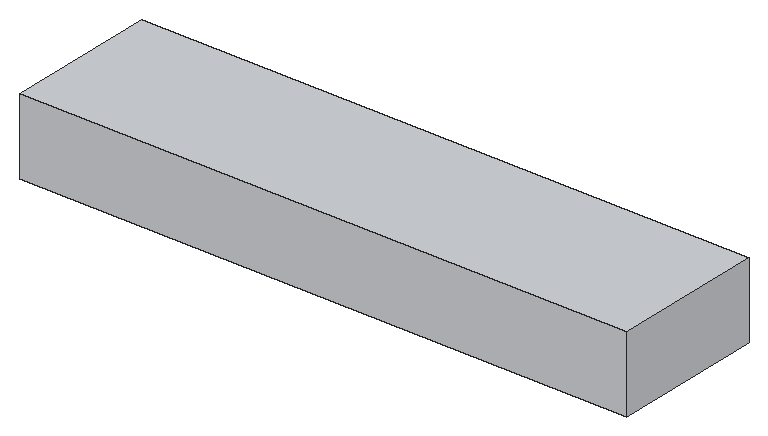
Revit family
Parameters (values of type "Line-based")
  Width = 1' - 0"
  built-in parameter 1001306 [instance] = 4' - 0"
  Assembly Code = ""
Reference planes (in)
  plane 1 "Center (Front/Back)": y = 0
  plane 2: z = 0
  plane 3 "Left": x = 0
  plane 4 "Right": x = 48
Forms (in)
  Extrusion 1, solid
    sketch origin (0, 0, 0) x (1, 0, 0) y (0, 1, 0)
      loop
        line (0, 0) -> (0, -12) -> (48, -12) -> (48, 0) -> (0, 0)
    from 0 to 6
Lines and regions (in)
  reference lines
    curve 1: line (0, 0, 0) -> (48, 0, 0)
Dimensions and locks (in)
  "built-in parameter 1001306": plane 3 "Left" to plane 4 "Right"
  "Width": Extrusion 1 sketch curve to Extrusion 1 sketch curve
  aligned and locked: plane 4 "Right" to curve 1
  aligned and locked: plane 1 "Center (Front/Back)" to curve 1
  aligned and locked: plane 3 "Left" to curve 1
Automatic sketch dimensions
  Extrusion 1 sketch curve to plane 3 "Left" = 0' - 0"
  Extrusion 1 sketch curve to plane 4 "Right" = 0' - 0"
  Extrusion 1 sketch curve to plane 1 "Center (Front/Back)" = 0' - 0"
